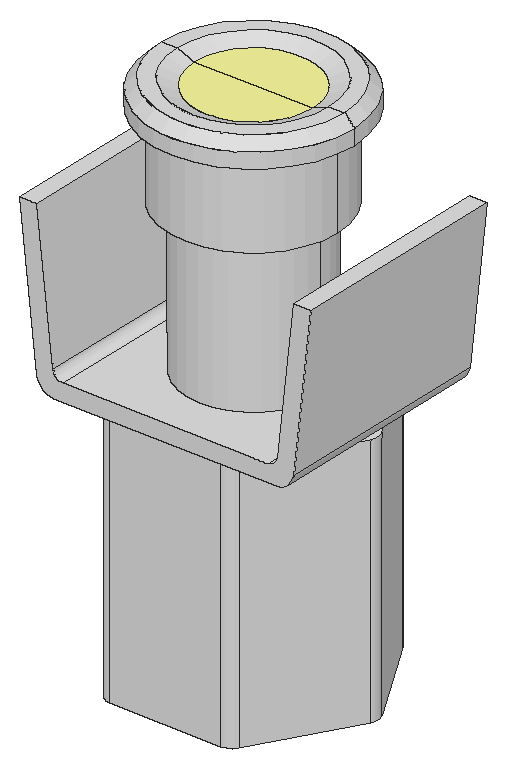
Revit family "0041777", category Lighting Fixtures, host Face, Revit 2017
Family settings
  Host = Face
  Round Connector Dimension = Use Diameter
  Part Type = Normal
  OmniClass Number = 23.80.70.00
  OmniClass Title = Lighting
  Cut with Voids When Loaded = No
  Light Source = Yes
  Shared = No
  Room Calculation Point = No
Parameters (values of type "0041777 SYLSAFE XSPOT OA R EMC NM MS")
  Weight = "8.0 kg"
  Wattage Comments = ""
  Wattage = 9.2903 W
  WarrantyStartDate [instance] = "n/a"
  WarrantyGuarantorParts = "n/a"
  WarrantyDurationUnit = "n/a"
  WarrantyDurationParts = "n/a"
  WarrantyDescription = "n/a"
  WallThickness_SYL = 5 mm
  built-in parameter 1150110 = 1 (stored number, unit not read)
  Voltage = 0 V
  UnderTheWall1_SYL = 5 mm
  URL = "http://www.sylvania-lighting.com"
  TypeName = "SylSafe XSpot OA R EMC NM MS"
  Type Image = <None>
  Type Comments = "n/a"
  built-in parameter 1114217 = 1 (stored number, unit not read)
  Tilt Angle = -90.00°
  Thread_SYL = 4 mm
  built-in parameter 1150109 = 1 (stored number, unit not read)
  built-in parameter 1150134 = 3
  built-in parameter 1150113 = 1 (stored number, unit not read)
  SerialNumber [instance] = "n/a"
  R_SYL = 6 mm
  R1_SYL = 5 mm
  Photometric Web File = "0041777.ies"
  OverTheWall_SYL = 1.5 mm
  OverTheWall2_SYL = 20 mm
  Material_3_SYL = Lighting_SYL
  PowerFactor = 0.45
  PowerConsumption = "2.2 W"
  NominalLength = 12 mm
  NominalHeight = 26.5 mm
  NominalDepth = 12 mm
  Name = "SylSafe XSpot OA R EMC NM MS"
  ModelReference = Name  # "SylSafe XSpot OA R EMC NM MS"
  ModelNumber = "0041777"
  Model = Name  # "SylSafe XSpot OA R EMC NM MS"
  Material = "n/a"
  ManufacturerName = "Feilo Sylvania"
  Manufacturer = "Feilo Sylvania"
  LuminousEfficacy = "36 lm/W"
  built-in parameter 1150105 = 109.82 (stored number, unit not read)
  Lumens = 1380 lm
  LuminaireType = ""
  built-in parameter 1150115 = 1 (stored number, unit not read)
  LightOutputRatio = "n/a"
  built-in parameter 1150137 = (empty or 0)
  built-in parameter 1150139 = (empty or 0)
  LampsType = Lamp  # "LED"
  LampW_SYL = 3.5 mm
  LampW1_SYL = 4.5 mm
  LampNominalLuminous = "80 lm"
  LampMacAdamStep = "n/a"
  LampH_SYL = 1.1 mm
  LampColourTemperature = "5700 K"
  LampColourRenderingIndex = "70"
  built-in parameter 1150112 = 1 (stored number, unit not read)
  built-in parameter 1150114 = 1 (stored number, unit not read)
  Lamp = "LED"
  Keynote = "16500"
  InstallationDate [instance] = "n/a"
  InputVoltage = "n/a"
  InputNominalFrequency = "n/a"
  built-in parameter 1150132 = (empty or 0)
  built-in parameter 1150102 = (empty or 0)
  built-in parameter 1150107 = 3200 (stored number, unit not read)
  built-in parameter 1150138 = (empty or 0)
  IngressProtection = "IP20"
  ImpactProtectionIndex = "IK03"
  built-in parameter 1150106 = 1.0982 (stored number, unit not read)
  IfcExportType = "IfcLightFixtureType"
  IfcExportAs = "IfcLightFixtureType"
  FrameWidth_SYL = 8.6 mm
  FrameThickness_SYL = 1 mm
  FrameH_SYL = 10 mm
  FixingThread_SYL = 4 mm
  FixingThickness_SYL = 6.5 mm
  FixingStart_SYL = -(WallThickness_SYL + FrameH_SYL)  # -15 mm
  FixingEnd_SYL = FixingStart_SYL - 15 mm  # -30 mm
  Emit from Line Length = 609.6 mm
  ElectricShockClassification = "Class II"
  built-in parameter 1150104 = 13.8 (stored number, unit not read)
  DocumentationLiterature = "http://www.sylvania-lighting.com/product/en-int/products/0041777"
  DimmingControlOptions = "n/a"
  Material_2_SYL = Lighting_SYL
  Dimming Lamp Color Temperature Shift = <None>
  Description = "SylSafe XSpot OA R EMC NM MS  is a miniature emergency recessed spotlight with small form factor - cut-out diameter: 10mm. Non-maintained version for central battery systems. Quick and easy installation with driver module and battery pack contained in articulated case that can placed near the luminaire. Suitable for sheet metal installation. 80lm, 2.2W, IK03, IP20. Power Factor 0.45. Class II electrical construction."
  Default Elevation = 1219.2 mm
  CreatedOn = "2/13/2020"
  CreatedBy = "@sylvania-lighting.com"
  Cost = 0
  Color Filter = 16777215
  built-in parameter 1114216 [instance] = (empty or 0)
  ClassificationValue = "EF_70_80"
  ClassificationName = "Uniclass2015"
  Material_1_SYL = Lighting_SYL
  Chamfer_SYL = 0.6 mm
  BarCode [instance] = "n/a"
  built-in parameter 1114218 = 1 (stored number, unit not read)
  built-in parameter 1150133 = 10 (stored number, unit not read)
  AssetType = "Fixed"
  AssetIdentifier [instance] = "n/a"
  Assembly Code = "D5020200"
  Apparent Load = 2.2 VA
  Material_4_SYL = LEDLamp_SYL
Reference planes
  plane 1 "Center (Front/Back)": y = 0
  plane 2: z = 0
  plane 3 "Center (Left/Right)": x = 0
  plane 4: x = -6
  plane 5: x = -5
  plane 6: x = -5.4
  plane 7: x = -4
  plane 8: z = 1.5
  plane 9: z = 0.9
  plane 10: z = -5
  plane 11: z = -20
  plane 12: z = 1.1
  plane 13: x = -3.5
  plane 14: x = -4.5
  plane 15: z = 0
  plane 16: z = 0
  plane 17: z = 0
  plane 18: z = 0
  plane 19: z = 0
  plane 20: z = 0
  plane 21: z = 0
  plane 22: y = 6.5
  plane 23: y = -6.5
  plane 24: y = 4
  plane 25: z = -5
  plane 26: z = -15
  plane 27: z = -14
  plane 28: x = -8.6
  plane 29: x = -7.6
  plane 30: x = -6.6
Forms (mm)
  Revolve 1, solid, material "Lighting_SYL" <- "Material_3_SYL"
    sketch origin (0, 0, 0) x (1, 0, 0) y (0, 0, 1)
      loop
        line (0, 1.1) -> (-3.5, 1.1) -> (-4.5, 1.5) -> (-5.4, 1.5) -> (-6, 0.9) -> (-6, 0) -> (-5, 0) -> (-5, -5) -> (-4, -5) -> (-4, -20) -> (0, -20) -> (0, 1.1)
      axis (0, 1.5) -> (0, -20)
    angle from 360 to 0
  Extrusion 2, solid, material "Lighting_SYL" <- "Material_1_SYL"
    sketch origin (0, 0, 0) x (1, 0, 0) y (0, 1, 0)
      loop
        line (7.299, 0.4) -> (3.996, 6.1)
        arc (3.996, 6.1) -> (3.703, 6.393) -> (3.303, 6.5) r 0.8
        line (3.303, 6.5) -> (-3.303, 6.5)
        arc (-3.303, 6.5) -> (-3.703, 6.393) -> (-3.996, 6.1) r 0.8
        line (-3.996, 6.1) -> (-7.299, 0.4)
        arc (-7.299, 0.4) -> (-7.406, 0) -> (-7.299, -0.4) r 0.8
        line (-7.299, -0.4) -> (-3.996, -6.1)
        arc (-3.996, -6.1) -> (-3.703, -6.393) -> (-3.303, -6.5) r 0.8
        line (-3.303, -6.5) -> (3.303, -6.5)
        arc (3.303, -6.5) -> (3.703, -6.393) -> (3.996, -6.1) r 0.8
        line (3.996, -6.1) -> (7.299, -0.4)
        arc (7.299, -0.4) -> (7.406, 0) -> (7.299, 0.4) r 0.8
      loop
        circle (0, 0) r 4
    from -30 <- "FixingEnd_SYL" to -15 <- "FixingStart_SYL"
  Extrusion 3, solid, material "Lighting_SYL" <- "Material_2_SYL"
    sketch origin (0, 0, 0) x (1, 0, 0) y (0, 0, 1)
      loop
        line (-8.6, -5) -> (-7.588, -14.11)
        arc (-7.588, -14.11) -> (-7.261, -14.745) -> (-6.594, -15) r 1
        line (-6.594, -15) -> (0, -15) -> (0, -14) -> (-6.063, -14)
        arc (-6.063, -14) -> (-6.463, -13.847) -> (-6.659, -13.466) r 0.6
        line (-6.659, -13.466) -> (-7.6, -5) -> (-8.6, -5)
    from -6.521 to 6.521
  Extrusion 4, solid, material "Lighting_SYL" <- "Material_2_SYL"
    sketch origin (0, 0, 0) x (-1, 0, 0) y (0, 0, -1)
      loop
        line (-8.6, 5) -> (-7.6, 5) -> (-6.659, 13.466)
        arc (-6.659, 13.466) -> (-6.463, 13.847) -> (-6.063, 14) r 0.6
        line (-6.063, 14) -> (0, 14) -> (0, 15) -> (-6.594, 15)
        arc (-6.594, 15) -> (-7.261, 14.745) -> (-7.588, 14.11) r 1
        line (-7.588, 14.11) -> (-8.6, 5)
    from -6.521 to 6.521
Cuts and joins
  joined: Extrusion 3, Extrusion 4
Lines and regions (mm)
  reference lines
    curve 1: line (-8.6, 0, -5) -> (-7.6, 0, -14)
    curve 2: line (-7.6, 0, -5) -> (-6.6, 0, -14)
Dimensions and locks
  "R_SYL": plane 3 "Center (Left/Right)" to plane 4
  "R1_SYL": plane 3 "Center (Left/Right)" to plane 5
  "Chamfer_SYL": plane 6 to plane 4
  "Thread_SYL": plane 3 "Center (Left/Right)" to plane 7
  "OverTheWall_SYL": plane 8 to host face
  "Chamfer_SYL": plane 8 to plane 9
  "UnderTheWall1_SYL": host face to plane 10
  "OverTheWall2_SYL": host face to plane 11
  "LampH_SYL": plane 12 to host face
  "LampW_SYL": plane 3 "Center (Left/Right)" to plane 13
  "LampW1_SYL": plane 3 "Center (Left/Right)" to plane 14
  "FixingThickness_SYL": plane 23 to plane 1 "Center (Front/Back)" to plane 22
  "FixingThread_SYL": plane 1 "Center (Front/Back)" to plane 24
  "WallThickness_SYL": host face to plane 25
  "FrameThickness_SYL": plane 27 to plane 26
  "FrameWidth_SYL": plane 3 "Center (Left/Right)" to plane 28
  "FrameThickness_SYL": plane 29 to plane 28
  locked: plane 30 to plane 29 at 1
  "FrameH_SYL": plane 25 to plane 26
  aligned and locked: plane 2 to host face
  aligned and locked: level to host face
  aligned and locked: Revolve 1 sketch curve to plane 3 "Center (Left/Right)"
  aligned and locked: plane 22 to Extrusion 2
  aligned and locked: plane 23 to Extrusion 2
  aligned and locked: plane 25 to curve 1
  aligned and locked: plane 28 to curve 1
  aligned and locked: plane 27 to curve 1
  aligned and locked: plane 29 to curve 1
  aligned and locked: Extrusion 3 sketch curve to plane 3 "Center (Left/Right)"
  aligned and locked: plane 25 to curve 2
  aligned and locked: plane 29 to curve 2
  aligned and locked: plane 27 to curve 2
  aligned and locked: plane 30 to curve 2
  aligned and locked: Extrusion 3 sketch curve to curve 2
  aligned and locked: Extrusion 3 sketch curve to plane 27
  aligned and locked: plane 25 to Extrusion 3 sketch curve
  aligned and locked: plane 26 to Extrusion 3 sketch curve
  aligned and locked: Extrusion 3 sketch curve to curve 1
Automatic sketch dimensions
  host sketch curve to host sketch curve = 2438.4 mm  (x2)
  Revolve 1 sketch curve to level = 0 mm
  Revolve 1 sketch curve to plane 4 = 0 mm
  Revolve 1 sketch curve to plane 6 = 0 mm
  Revolve 1 sketch curve to plane 5 = 0 mm
  Revolve 1 sketch curve to plane 8 = 0 mm
  Revolve 1 sketch curve to plane 14 = 0 mm
  Revolve 1 sketch curve to plane 7 = 0 mm
  Revolve 1 sketch curve to plane 12 = 0 mm
  Revolve 1 sketch curve to plane 13 = 0 mm
  Revolve 1 sketch curve to plane 3 "Center (Left/Right)" = 0 mm
  Revolve 1 sketch curve to plane 11 = 0 mm
  Revolve 1 sketch curve to plane 10 = 0 mm
  Revolve 1 sketch curve to plane 9 = 0 mm
  plane 11 to Revolve 1 sketch curve = 589.6 mm
  Revolve 1 sketch curve to plane 8 = 2607.558 mm
  plane 1 "Center (Front/Back)" to Extrusion 2 sketch curve = 0 mm  (x3)
  plane 22 to Extrusion 2 sketch curve = 0 mm
  plane 23 to Extrusion 2 sketch curve = 0 mm
  Extrusion 2 sketch curve to plane 3 "Center (Left/Right)" = 0 mm
  plane 13 to Extrusion 2 sketch curve = 0.197 mm  (x2)
  plane 7 to Extrusion 2 sketch curve = 0.004 mm  (x2)
  Extrusion 2 sketch curve to plane 30 = 0.006 mm
  plane 29 to Extrusion 2 sketch curve = 0.301 mm  (x2)
  Extrusion 2 sketch curve to plane 23 = 0.8 mm
  plane 3 "Center (Left/Right)" to Extrusion 2 sketch curve = 3.303 mm  (x2)
  plane 22 to Extrusion 2 sketch curve = 0.8 mm  (x2)
  Extrusion 2 sketch curve to plane 23 = 0.4 mm  (x2)
  plane 22 to Extrusion 2 sketch curve = 0.4 mm
  Extrusion 2 sketch curve to Extrusion 2 sketch curve = 3.303 mm
  plane 1 "Center (Front/Back)" to Extrusion 2 sketch curve = 0.4 mm  (x2)
  Extrusion 2 sketch curve to Extrusion 2 sketch curve = 0.693 mm
  Extrusion 2 sketch curve to plane 1 "Center (Front/Back)" = 0.4 mm
  Extrusion 3 sketch curve to plane 27 = 0 mm
  Extrusion 3 sketch curve to plane 30 = 0.059 mm
  Extrusion 4 sketch curve to plane 10 = 0 mm
  Extrusion 4 sketch curve to plane 27 = 0 mm  (x2)
  Extrusion 4 sketch curve to plane 26 = 0 mm
  Extrusion 4 sketch curve to plane 3 "Center (Left/Right)" = 0 mm
  Extrusion 4 sketch curve to Extrusion 4 sketch curve = 6.063 mm
  Extrusion 4 sketch curve to Extrusion 4 sketch curve = 0.531 mm
  plane 27 to Extrusion 4 sketch curve = 0.534 mm
  Extrusion 4 sketch curve to Extrusion 4 sketch curve = 0.065 mm
  Extrusion 4 sketch curve to plane 27 = 0.11 mm
  radius of Extrusion 2 sketch curve = 4 mm
